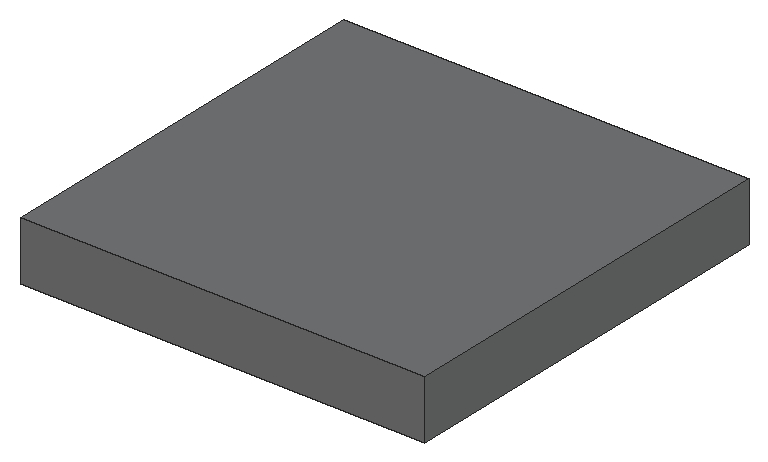
Revit family "Gira_027026", category Electrical Fixtures, host Face, Revit 2017
Family settings
  Host = Face
  Maintain Annotation Orientation = No
  Round Connector Dimension = Use Diameter
  Part Type = Normal
  Cut with Voids When Loaded = No
  Shared = No
  Room Calculation Point = No
Parameters (values of type "Cov. UAE/IAE + network System 55 c.alum.")
  With strain relief = "No"
  With imprint = "No"
  With hinged lid = "No"
  With dust cover = "No"
  Utilization = "UAE/IAE (ISDN)"
  URL = "http://katalog.gira.de/en/datenblatt.html?artikelnr=027026"
  Type of fastening = "Mounting with screw"
  Transparent = "No"
  Surface protection = "Other"
  Surface finishing = "Not applicable"
  Support ring = "No"
  Suitable for degree of protection (IP) = "IP20"
  Name = "Cov. UAE/IAE + network System 55 c.alum."
  Mounting method = "Flush mounted (plaster)"
  Material quality = "Thermoplastic"
  Material = "Plastic"
  Manufacturer URL = "https://www.gira.de/"
  Manufacturer = "Gira"
  Luster terminal = "No"
  Keynote = ""
  Imprintable label = "Without indication field"
  HeinzeBIM = "https://bimportal.heinze.de/bim/cov-uae-iae-network-system-55-c-alum-/cb5f9aaf59872da45c50f3ebd1930302e83315d0"
  Halogen free = "Yes"
  HAN = "027026"
  GTIN = "4010337270263"
  Description = "Cov.UAE IAE network Sys55 CAl,Cover for UAE IAE (ISDN) and network connection box,,colour aluminium,Features:,- Cover plate can be broken out.,,Notes :,- Suitable for UAE IAE (ISDN) connection boxes."
  Default Elevation = 1219.2 mm
  Data sheet (1) = "https://katalog.gira.de/en/download.html?artikelnr=027026"
  Colour = "Aluminium"
  Category = "Insert/cover for communication technology"
  BIM (1) = "https://media.stage.bim.site/public/gira/36a6b08/Sys55_Abdeckung_Schalten und Tasten.rfa?public/gira/36a6b08/Sys55_Abdeckung_Schalten und Tasten.rfa"
  Available = "No"
  Assembly arrangement = "Central cover plate"
  Anthrazit [instance] = Anthrazit
Reference planes
  plane 1 "Center (Front/Back)": y = 0
  plane 2: z = 0
  plane 3 "Center (Left/Right)": x = 0
Forms (mm)
  Extrusion 1, solid, material "Anthrazit" <- "Anthrazit", detail levels fine
    sketch origin (0, 0, 0) x (1, 0, 0) y (0, 1, 0)
      loop
        line (-27.5, 27.5) -> (-27.5, -27.5) -> (27.5, -27.5) -> (27.5, 27.5) -> (-27.5, 27.5)
    from 0 to 8
  Extrusion 2, void
    sketch origin (0, 0, 0) x (1, 0, 0) y (0, 1, 0)
      loop
        line (26, 26) -> (-26, 26) -> (-26, -26) -> (26, -26) -> (26, 26)
    from 0 to 6
  Extrusion 3, solid, material "Anthrazit" <- "Anthrazit", detail levels medium
    sketch origin (0, 0, 0) x (1, 0, 0) y (0, 1, 0)
      loop
        line (-27.5, 27.5) -> (-27.5, -27.5) -> (27.5, -27.5) -> (27.5, 27.5) -> (-27.5, 27.5)
    from 0 to 8
  Extrusion 4, solid, material "Anthrazit" <- "Anthrazit", detail levels medium
    sketch origin (0, 0, 0) x (1, 0, 0) y (0, 1, 0)
      loop
        line (11, -17.5) -> (11, 17.5) -> (-11, 17.5) -> (-11, -17.5) -> (11, -17.5)
    from -6 to 6
  Extrusion 5, solid, material "Anthrazit" <- "Anthrazit", detail levels fine
    sketch origin (0, 0, 0) x (1, 0, 0) y (0, 1, 0)
      loop
        line (11, 17.5) -> (-11, 17.5) -> (-11, 16.5) -> (11, 16.5) -> (11, 17.5)
      loop
        line (-11, -16.5) -> (-11, -17.5) -> (11, -17.5) -> (11, -16.5) -> (-11, -16.5)
    from -4 to 6
  Extrusion 6, solid, material "Anthrazit" <- "Anthrazit", detail levels fine
    sketch origin (0, 0, 0) x (1, 0, 0) y (0, 1, 0)
      loop
        arc (5, 9.347) -> (0, 10.6) -> (-5, 9.347) r 10.6
        line (-5, 9.347) -> (-5, -9.347)
        arc (-5, -9.347) -> (0, -10.6) -> (5, -9.347) r 10.6
        line (5, -9.347) -> (5, 9.347)
    from -6 to 6
  Extrusion 7, solid, material "Anthrazit" <- "Anthrazit", detail levels coarse
    sketch origin (0, 0, 0) x (1, 0, 0) y (0, 1, 0)
      loop
        line (-27.5, 27.5) -> (-27.5, -27.5) -> (27.5, -27.5) -> (27.5, 27.5) -> (-27.5, 27.5)
    from -6 to 8
Cuts and joins
  Extrusion 2 cuts Extrusion 1
Dimensions and locks
  aligned and locked: plane 2 to host face
  aligned and locked: level to host face
